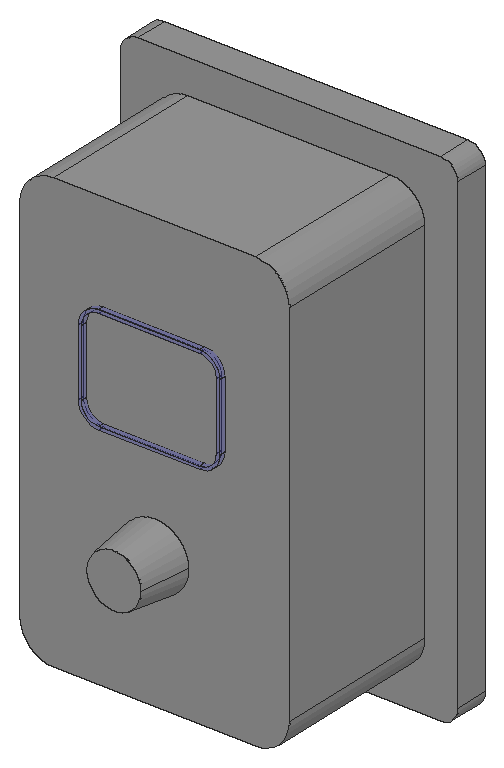
Revit family "PLM-APP-AEC-SoapDispenser", category Plumbing Fixtures, Revit 2016
Family settings
  Part Type = Normal
  Round Connector Dimension = Use Diameter
  Work Plane-Based = No
  Always vertical = Yes
  Cut with Voids When Loaded = No
  Shared = No
  Room Calculation Point = No
Parameters (values of type "Standard")
  Width = 100 mm
  Overall Length = Length + 15 mm  # 75 mm
  Material = Steel, Carbon
  Length = 60 mm
  Height = 150 mm
  Glass Material = Glass
  Default Elevation [instance] = 1100 mm
Reference planes
  plane 1 "Center (Front/Back)": y = 0
  plane 2: z = 0
  plane 3 "Center (Left/Right)": x = 0
  plane 4 "Dispenser bottom": z = 1100
  plane 5 "Dispenser top": z = 1250
  plane 6 "Mid": y = -10
  plane 7 "Dispenser": x = -50
  plane 8: x = 50
  plane 9 "Front": y = -60
  plane 10 "Refill opening": z = 1240
  plane 11 "Push button center": z = 1150
  plane 12 "Front 1": y = -75
  plane 13 "Bottom 1": z = 1110
  plane 14 "Outlet center": y = -35
  plane 15 "Bottom 2": z = 1107
  plane 16 "Bottom 3": z = 1102
Forms (mm)
  Extrusion 1, solid, material "Steel, Carbon" <- "Material"
    sketch origin (0, -10, 0) x (1, 0, 0) y (0, 0, 1)
      loop
        line (-40, 1230) -> (-40, 1120)
        arc (-40, 1120) -> (-37.071, 1112.929) -> (-30, 1110) r 10
        line (-30, 1110) -> (30, 1110)
        arc (30, 1110) -> (37.071, 1112.929) -> (40, 1120) r 10
        line (40, 1120) -> (40, 1230)
        arc (40, 1230) -> (37.071, 1237.071) -> (30, 1240) r 10
        line (30, 1240) -> (-30, 1240)
        arc (-30, 1240) -> (-37.071, 1237.071) -> (-40, 1230) r 10
    from 0 to 50
  Extrusion 2, solid, material "Steel, Carbon" <- "Material"
    sketch origin (0, 0, 0) x (1, 0, 0) y (0, 0, 1)
      loop
        arc (-45, 1250) -> (-48.536, 1248.536) -> (-50, 1245) r 5
        line (-50, 1245) -> (-50, 1105)
        arc (-50, 1105) -> (-48.536, 1101.464) -> (-45, 1100) r 5
        line (-45, 1100) -> (45, 1100)
        arc (45, 1100) -> (48.536, 1101.464) -> (50, 1105) r 5
        line (50, 1105) -> (50, 1245)
        arc (50, 1245) -> (48.536, 1248.536) -> (45, 1250) r 5
        line (45, 1250) -> (-45, 1250)
    from 0 to 10
  Blend 3, solid, material "Steel, Carbon" <- "Material"
    base sketch origin (0, -60, 0) x (1, 0, 0) y (0, 0, 1)
      loop
        circle (0, 1150) r 10
    top sketch origin (0, -60, 0) x (1, 0, 0) y (0, 0, 1)
      loop
        circle (0, 1150) r 8
    from 0 to 15
  Extrusion 4, solid, material "Steel, Carbon" <- "Material"
    sketch origin (0, 0, 1110) x (-1, 0, 0) y (0, -1, 0)
      loop
        circle (0, 35) r 4
    from 0 to -3
  Extrusion 5, solid, material "Glass" <- "Glass Material"
    sketch origin (0, -60, 0) x (1, 0, 0) y (0, 0, 1)
      loop
        arc (-15, 1210) -> (-18.536, 1208.536) -> (-20, 1205) r 5
        line (-20, 1205) -> (-20, 1185)
        arc (-20, 1185) -> (-18.536, 1181.464) -> (-15, 1180) r 5
        line (-15, 1180) -> (15, 1180)
        arc (15, 1180) -> (18.536, 1181.464) -> (20, 1185) r 5
        line (20, 1185) -> (20, 1205)
        arc (20, 1205) -> (18.536, 1208.536) -> (15, 1210) r 5
        line (15, 1210) -> (-15, 1210)
      loop
        arc (-15, 1211) -> (-19.243, 1209.243) -> (-21, 1205) r 6
        line (-21, 1205) -> (-21, 1185)
        arc (-21, 1185) -> (-19.243, 1180.757) -> (-15, 1179) r 6
        line (-15, 1179) -> (15, 1179)
        arc (15, 1179) -> (19.243, 1180.757) -> (21, 1185) r 6
        line (21, 1185) -> (21, 1205)
        arc (21, 1205) -> (19.243, 1209.243) -> (15, 1211) r 6
        line (15, 1211) -> (-15, 1211)
    from 0 to 2
Dimensions and locks
  "Default Elevation": plane 4 "Dispenser bottom" to level
  "Height": plane 5 "Dispenser top" to plane 4 "Dispenser bottom"
  locked: plane 10 "Refill opening" to plane 4 "Dispenser bottom" at 140
  locked: plane 11 "Push button center" to plane 4 "Dispenser bottom" at 50
  locked: plane 15 "Bottom 2" to plane 16 "Bottom 3" at 5
  locked: plane 13 "Bottom 1" to plane 15 "Bottom 2" at 3
  locked: plane 16 "Bottom 3" to plane 4 "Dispenser bottom" at 2
  "Width": plane 8 to plane 7 "Dispenser"
  "Length": plane 1 "Center (Front/Back)" to plane 9 "Front"
  equal spacing: plane 8, plane 3 "Center (Left/Right)", plane 7 "Dispenser"
  "Overall Length": plane 12 "Front 1" to plane 1 "Center (Front/Back)"
  aligned and locked: level to plane 2
  aligned and locked: plane 9 "Front" to Extrusion 1
  aligned and locked: plane 7 "Dispenser" to Extrusion 2 sketch curve
  aligned and locked: plane 4 "Dispenser bottom" to Extrusion 2 sketch curve
  aligned and locked: Extrusion 2 sketch curve to plane 8
  aligned and locked: plane 13 "Bottom 1" to Extrusion 4
  aligned and locked: Extrusion 4 to plane 15 "Bottom 2"
Automatic sketch dimensions
  plane 7 "Dispenser" to Extrusion 1 sketch curve = 10 mm
  Extrusion 1 sketch curve to Extrusion 1 sketch curve = 10 mm  (x5)
  Extrusion 1 sketch curve to plane 8 = 10 mm
  plane 4 "Dispenser bottom" to Extrusion 1 sketch curve = 20 mm
  Extrusion 1 sketch curve to plane 5 "Dispenser top" = 10 mm
  plane 4 "Dispenser bottom" to Extrusion 2 sketch curve = 5 mm  (x3)
  Extrusion 2 sketch curve to plane 5 "Dispenser top" = 5 mm  (x2)
  Extrusion 2 sketch curve to plane 5 "Dispenser top" = 0 mm
  Extrusion 2 sketch curve to Extrusion 2 sketch curve = 0 mm  (x2)
  Blend 3 sketch curve to plane 3 "Center (Left/Right)" = 0 mm  (x2)
  Blend 3 sketch curve to plane 11 "Push button center" = 0 mm  (x2)
  Extrusion 4 sketch curve to plane 3 "Center (Left/Right)" = 0 mm
  Extrusion 4 sketch curve to plane 14 "Outlet center" = 0 mm
  Extrusion 5 sketch curve to Extrusion 5 sketch curve = 0 mm  (x15)
  Extrusion 5 sketch curve to Extrusion 5 sketch curve = 5 mm  (x3)
  Extrusion 5 sketch curve to plane 3 "Center (Left/Right)" = 21 mm
  Extrusion 5 sketch curve to Extrusion 5 sketch curve = 1 mm
  plane 3 "Center (Left/Right)" to Extrusion 5 sketch curve = 15 mm  (x2)
  plane 11 "Push button center" to Extrusion 5 sketch curve = 29 mm
  Extrusion 5 sketch curve to Extrusion 5 sketch curve = 20 mm
  radius of Blend 3 sketch curve = 10 mm
  radius of Blend 3 sketch curve = 8 mm
  radius of Extrusion 4 sketch curve = 4 mm
